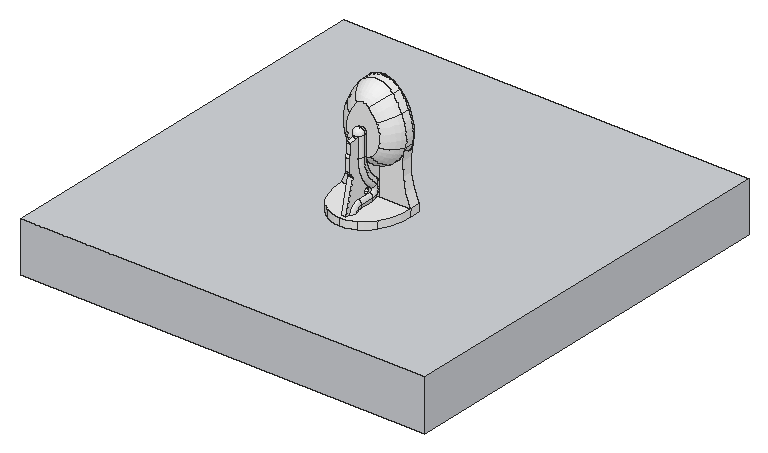
Revit family
Parameters (values of type "Vitreous_China-0-White")
  Width = 1' - 4 1/2"
  Waste Connection = yes
  Valve Pressure Drop = 0.00 psi
  URL = "http://www.us.kohler.com"
  Top of Toilet to Finished Floor = 1' - 3"
  Spud = Chrome-Kohler-CP-Polished
  Seat = "Order Separately"  # constant formula
  Sanitary Radius = 1 1/4"
  Sanitary Diameter = Sanitary Radius * 2  # 2 1/2"
  Sanitary Connector = "Sanitary Connection"  # constant formula
  Product Page URL = "http://www.us.kohler.com/onlinecatalog/detail.jsp?prod_num=4325"
  Product Documentation Link = "http://www.us.kohler.com/onlinecatalog/pdf/1100684_4.pdf"
  Model = "K-4325"  # constant formula
  Manufacturer = "Kohler"  # constant formula
  Length = 2' - 2 1/2"
  Height = 1' - 1 1/4"
  Flush Rate = 1.28 GPM
  Finish = Vitreous_China-Kohler-0-White
  Description = "Kingston™ 1.28 toilet bowl with top spud, less seat\r\n\r\n"  # constant formula
  Default Elevation = 0' - 0"
  Created By = "http://www.medialab3dstudio.com/"
  Cold Water Radius = 3/4"
  Cold Water Diameter = Cold Water Radius * 2  # 1 1/2"
  Cold Water Connector = "Cold Water Connector"  # constant formula
  CWFU = 0
  CW Connection = yes
  Assembly Code = "D2010110"
  Actual Valve Water Flow = 0 GPM
  ADA Compliant = yes
Types (7): name | Product Documentation Link | Finish
  (no name) | "http://www.us.kohler.com/onlinecatalog/pdf/1100684_4.pdf" | Vitreous_China-Kohler-0-White
  Vitreous_China-0-White | "http://www.us.kohler.com/onlinecatalog/pdf/1100684_4.pdf" | Vitreous_China-Kohler-0-White
  Vitreous_China-7-Black_Black | "http://www.us.kohler.com/onlinecatalog/pdf/1119268_4.pdf" | Vitreous_China-Kohler-7-Black_Black
  Vitreous_China-33-Mexican_Sand | "http://www.us.kohler.com/onlinecatalog/pdf/1119268_4.pdf" | Vitreous_China-Kohler-33-Mexican_Sand
  Vitreous_China-47-Almond | "http://www.us.kohler.com/onlinecatalog/pdf/1119268_4.pdf" | Vitreous_China-Kohler-47-Almond
  Vitreous_China-96-Biscuit | "http://www.us.kohler.com/onlinecatalog/pdf/1119268_4.pdf" | Vitreous_China-Kohler-96-Biscuit
  Vitreous_China-G9-Sandbar | "http://www.us.kohler.com/onlinecatalog/pdf/1119268_4.pdf" | Vitreous_China-Kohler-G9-Sandbar
Reference planes (in)
  plane 1 "Top": y = 0
  plane 2 "Back": z = 0
  plane 3 "Center (Left/Right)": x = 0
  plane 4 "Left": x = -8.25
  plane 5 "Right": x = 8.25
  plane 6 "Center (Top/Bottom)": y = -6.625
  plane 7 "Bottom of Toilet": y = -13.25
  plane 8 "Front": z = 26.5625
  plane 9 "Center (Front/Back)": z = 13.3125
  plane 10 "Toilet Offset": z = 0.0625
  plane 11: y = -6.28121
  plane 12: y = -6.14168
  plane 13: z = 23.3296
  plane 14: z = 20.39426
  plane 15: z = 14.67575
  plane 16: z = 11.23743
  plane 17: x = -2.30359
  plane 18: x = 2.30359
  plane 19: x = -4.20983
  plane 20: x = 4.20983
  plane 21: x = -4.81086
  plane 22: x = 4.81086
  plane 23: x = -2.31278
  plane 24: x = 2.31278
  plane 25: z = 14.24386
  plane 26: z = 1.6875
  plane 27: y = -2.30334
  plane 28: z = -0.79878
  plane 29: z = -1.39323
  plane 30: z = -1.92448
  plane 31: x = -0.5
  plane 32: x = 0.5
  plane 33: y = -7.48796
  plane 34: z = 17.22993
  plane 35: y = -12.3124
  plane 36: x = -6.27859
  plane 37: x = -3.62694
  plane 38: x = 3.62694
  plane 39: x = 6.27859
  plane 40: y = -9.66075
  plane 41: x = 6.72668
  plane 42: x = -6.72668
  plane 43: z = 9.08201
  plane 44: z = 8.5634
  plane 45: z = 9.86879
  plane 46: z = 10.33642
  plane 47: z = 13.98218
  plane 48: z = 16.39735
  plane 49: z = 16.49937
  plane 50: z = 17.22993
  plane 51: z = 11.78462
  plane 52: y = -5.87419
  plane 53: z = 4.40794
  plane 54: y = -12.1155
  plane 55: y = -10.10687
  plane 56: y = -10.2456
  plane 57: y = -10.42442
  plane 58: y = -10.89667
  plane 59: y = -10.51003
  plane 60: z = 1.1875
  plane 61: z = 2.6875
  plane 62: z = 5.36778
  plane 63: z = 12.65074
  plane 64: y = -7.48796
  plane 65: y = -3.88771
  plane 66: y = -5.12344
  plane 67: y = -8.5
  plane 68: y = -10
  plane 69: y = -10
  plane 70: z = 17.22993
  plane 71: y = -8.73796
  plane 72: y = -6.23796
  plane 73: x = -1.25
  plane 74: x = -0.32597
  plane 75: x = 0.32597
  plane 76: z = 26.46032
  plane 77: z = 23.23909
  plane 78: z = 17.5559
  plane 79: z = 16.49937
  plane 80: z = 16.39735
  plane 81: z = 26.222
  plane 82: x = -6.86529
  plane 83: x = -7.22069
  plane 84: x = -7.11861
  plane 85: x = -3.89721
  plane 86: x = 3.89721
  plane 87: x = 7.11861
  plane 88: x = 7.22069
  plane 89: x = 6.86529
  plane 90: y = -0.3554
  plane 91: x = -1
  plane 92: x = -0.5
  plane 93: x = 0.5
  plane 94: x = 1
  plane 95: z = 1.8125
  plane 96: z = 2.3125
  plane 97: z = 3.3125
  plane 98: z = 3.8125
  plane 99: z = 2.8125
  plane 100: z = 4.0625
  plane 101: z = 3.8125
  plane 102: z = 3.5625
  plane 103: z = 2.0625
  plane 104: z = 1.8125
  plane 105: z = 1.5625
  plane 106: y = 0.86128
  plane 107: y = 1.45573
  plane 108: y = 1.98698
  plane 109: x = -1.25
  plane 110: x = -1
  plane 111: x = -0.75
  plane 112: x = 0.75
  plane 113: x = 1
  plane 114: x = 1.25
  plane 115: y = 0.86128
  plane 116: y = 1.45573
  plane 117: y = 1.98698
  plane 118: y = 0.86128
  plane 119: y = 1.45573
  plane 120: y = 1.98698
  plane 121 "Bottom": y = -15
Forms (in)
  Extrusion 1, solid
    sketch origin (0, 0, 0) x (1, 0, 0) y (0, 1, 0)
      loop
        line (-48, 48) -> (-48, -48) -> (48, -48) -> (48, 48) -> (-48, 48)
    from 0 to -12
  Sweep 2, solid, material "Vitreous_China-Kohler-0-White" <- "Finish"
    path origin (0, 0, -0.29434) x (1, 0, 0) y (0, 0, 1)
      loop
        arc (4.81086, 14.9701) -> (4.98123, 17.87884) -> (4.20983, 20.6886) r 8.96533
        arc (4.20983, 20.6886) -> (3.36315, 22.22539) -> (2.30359, 23.62395) r 12.12865
        arc (2.30359, 23.62395) -> (0, 24.66657) -> (-2.30359, 23.62395) r 3.06609
        arc (-2.30359, 23.62395) -> (-3.36315, 22.22539) -> (-4.20983, 20.6886) r 12.12865
        arc (-4.20983, 20.6886) -> (-4.98123, 17.87884) -> (-4.81086, 14.9701) r 8.96533
        arc (-4.81086, 14.9701) -> (-3.91621, 12.99345) -> (-2.31278, 11.53178) r 5.37321
        arc (-2.31278, 11.53178) -> (0, 10.89681) -> (2.31278, 11.53178) r 4.5295
        arc (2.31278, 11.53178) -> (3.91621, 12.99345) -> (4.81086, 14.9701) r 5.37321
    profile origin (4.98123, 0, 17.5845) x (-0.994522, 0, -0.104528) y (0, -1, 0)
      loop
        line (-1.83672, 0) -> (-0.46172, 0)
        arc (-0.46172, 0) -> (-0.37333, 0.03661) -> (-0.33672, 0.125) r 0.125
        line (-0.33672, 0.125) -> (-0.33672, 0.5) -> (-0.46172, 0.5) -> (-0.46172, 0.1243) -> (-1.83685, 0.1243)
        arc (-1.83685, 0.1243) -> (-1.99817, 0.19112) -> (-2.06499, 0.35244) r 0.22814
        line (-2.06499, 0.35244) -> (-1.96389, 2.28462)
        arc (-1.96389, 2.28462) -> (-0.83518, 4.55024) -> (1.13314, 6.14168) r 5.95017
        line (1.13314, 6.14168) -> (1.13314, 6.28121)
        arc (1.13314, 6.28121) -> (-0.91686, 4.64808) -> (-2.08808, 2.30334) r 6.07517
        line (-2.08808, 2.30334) -> (-2.19027, 0.35355)
        arc (-2.19027, 0.35355) -> (-2.08672, 0.10355) -> (-1.83672, 0) r 0.35355
  Extrusion 3, solid, material "Vitreous_China-Kohler-0-White" <- "Finish"
    sketch origin (0, 0, 0) x (1, 0, 0) y (0, 0, 1)
      loop
        arc (-1.45225, 22.58179) -> (-2.41282, 21.3139) -> (-3.18039, 19.92068) r 10.99551
        arc (-3.18039, 19.92068) -> (-3.8543, 17.46605) -> (-3.70547, 14.92495) r 7.83219
        arc (-3.70547, 14.92495) -> (-2.99949, 13.36515) -> (-1.73419, 12.21172) r 4.24007
        arc (-1.73419, 12.21172) -> (0, 11.73561) -> (1.73419, 12.21172) r 3.39636
        arc (1.73419, 12.21172) -> (2.99949, 13.36515) -> (3.70547, 14.92495) r 4.24007
        arc (3.70547, 14.92495) -> (3.8543, 17.46605) -> (3.18039, 19.92068) r 7.83219
        arc (3.18039, 19.92068) -> (2.41282, 21.3139) -> (1.45225, 22.58179) r 10.99551
        arc (1.45225, 22.58179) -> (0, 23.23909) -> (-1.45225, 22.58179) r 1.93296
    from 6.14168 to 6.28121
  Extrusion 4, solid, material "Vitreous_China-Kohler-0-White" <- "Finish"
    sketch origin (0, 0, 0) x (1, 0, 0) y (0, 0, 1)
      loop
        arc (3.31555, 9.54884) -> (0, 8.63858) -> (-3.31555, 9.54884) r 6.49339
        arc (-3.31555, 9.54884) -> (-5.50504, 11.54476) -> (-6.72668, 14.24386) r 7.3371
        arc (-6.72668, 14.24386) -> (-6.40271, 7.83398) -> (-8.25, 1.6875) r 18.8332
        line (-8.25, 1.6875) -> (-8.25, 0.0625) -> (8.25, 0.0625) -> (8.25, 1.6875)
        arc (8.25, 1.6875) -> (6.40271, 7.83398) -> (6.72668, 14.24386) r 18.8332
        arc (6.72668, 14.24386) -> (5.50504, 11.54476) -> (3.31555, 9.54884) r 7.3371
    from 0 to 2.30334
  Extrusion 5, solid, material "Vitreous_China-Kohler-0-White" <- "Finish"
    sketch origin (0, 0, 0) x (1, 0, 0) y (0, 1, 0)
      loop
        arc (-8.25, -2.30334) -> (-7.7394, -6.10935) -> (-6.27859, -9.66075) r 14.99019
        arc (-6.27859, -9.66075) -> (-5.13063, -11.16444) -> (-3.62694, -12.3124) r 7.11394
        arc (-3.62694, -12.3124) -> (-1.87308, -13.01181) -> (0, -13.25) r 7.48388
        arc (0, -13.25) -> (1.87308, -13.01181) -> (3.62694, -12.3124) r 7.48388
        arc (3.62694, -12.3124) -> (5.13063, -11.16444) -> (6.27859, -9.66075) r 7.11394
        arc (6.27859, -9.66075) -> (7.7394, -6.10935) -> (8.25, -2.30334) r 14.99019
        line (8.25, -2.30334) -> (-8.25, -2.30334)
    from 0.0625 to 1.6875
  Extrusion 6, solid, material "Vitreous_China-Kohler-0-White" <- "Finish"
    sketch origin (0, 0, 0) x (0, 1, 0) y (0, 0, 1)
      loop
        line (-12.1155, 1.6875) -> (-2.30334, 1.6875) -> (-2.30334, 8.5634)
        arc (-2.30334, 8.5634) -> (-4.64024, 9.7443) -> (-6.28121, 11.78462) r 6.19947
        line (-6.28121, 11.78462) -> (-6.28121, 17.22993) -> (-10.42442, 16.49937)
        arc (-10.42442, 16.49937) -> (-10.48579, 16.46393) -> (-10.51003, 16.39735) r 0.10359
        line (-10.51003, 16.39735) -> (-10.51003, 13.98218)
        arc (-10.51003, 13.98218) -> (-10.7933, 13.69927) -> (-10.89667, 13.3125) r 0.77158
        line (-10.89667, 13.3125) -> (-10.89667, 10.33642)
        arc (-10.89667, 10.33642) -> (-10.7597, 10.00576) -> (-10.42904, 9.86879) r 0.46763
        line (-10.42904, 9.86879) -> (-10.2456, 9.86879)
        arc (-10.2456, 9.86879) -> (-10.1998, 9.47125) -> (-10.10687, 9.08201) r 3.3458
        line (-10.10687, 9.08201) -> (-12.1155, 1.6875)
      loop
        arc (-6.62419, 4.40794) -> (-6.40452, 3.87761) -> (-5.87419, 3.65794) r 0.75
        arc (-5.87419, 3.65794) -> (-5.34386, 3.87761) -> (-5.12419, 4.40794) r 0.75
        arc (-5.12419, 4.40794) -> (-5.34386, 4.93827) -> (-5.87419, 5.15794) r 0.75
        arc (-5.87419, 5.15794) -> (-6.40452, 4.93827) -> (-6.62419, 4.40794) r 0.75
    from -0.5 to 0.5
  Sweep 7, solid, material "Vitreous_China-Kohler-0-White" <- "Finish"
    path origin (0, 0, 0) x (0, 1, 0) y (0, 0, 1)
      loop
        line (-10, 0) -> (-10, 1.1875)
        arc (-10, 1.1875) -> (-9.56066, 2.24816) -> (-8.5, 2.6875) r 1.5
        line (-8.5, 2.6875) -> (-5.12344, 2.6875)
        arc (-5.12344, 2.6875) -> (-3.64773, 3.63213) -> (-3.88771, 5.36778) r 1.625
        arc (-3.88771, 5.36778) -> (-6.53875, 8.58862) -> (-7.48796, 12.65074) r 9.16651
        line (-7.48796, 12.65074) -> (-7.48796, 17.22993)
    profile origin (0, -10, 0.59375) x (0, -1, 0) y (1, 0, 0)
      loop
        arc (0, -1.25) -> (0.88388, -0.88388) -> (1.25, 0) r 1.25
        arc (1.25, 0) -> (0.88388, 0.88388) -> (0, 1.25) r 1.25
        arc (0, 1.25) -> (-0.88388, 0.88388) -> (-1.25, 0) r 1.25
        arc (-1.25, 0) -> (-0.88388, -0.88388) -> (0, -1.25) r 1.25
  Revolve 8, solid, material "Vitreous_China-Kohler-0-White" <- "Finish"
    sketch origin (0, 0, 17.22993) x (1, 0, 0) y (0, 1, 0)
      loop
        arc (0, -6.23796) -> (-0.88388, -6.60408) -> (-1.25, -7.48796) r 1.25
        arc (-1.25, -7.48796) -> (-0.88388, -8.37184) -> (0, -8.73796) r 1.25
        line (0, -8.73796) -> (0, -6.23796)
      axis (0, -6.23796) -> (0, -8.73796)
    angle from 0 to -180
  Extrusion 9, solid, material "Chrome-Kohler-CP-Polished" <- "Spud"
    sketch origin (0, 0.8125, 1.09294) x (1, 0, 0) y (0, 0, 1)
      loop
        arc (-0.75, 1.71956) -> (-0.53033, 1.18923) -> (0, 0.96956) r 0.75
        arc (0, 0.96956) -> (0.53033, 1.18923) -> (0.75, 1.71956) r 0.75
        arc (0.75, 1.71956) -> (0.53033, 2.24989) -> (0, 2.46956) r 0.75
        arc (0, 2.46956) -> (-0.53033, 2.24989) -> (-0.75, 1.71956) r 0.75
    from -1.17448 to -0.64323
  Extrusion 10, solid, material "Chrome-Kohler-CP-Polished" <- "Spud"
    sketch origin (0, 0.6882, 1.09294) x (1, 0, 0) y (0, 0, 1)
      loop
        line (0.5, 2.71956) -> (-0.5, 2.71956) -> (-1, 2.21956) -> (-1, 1.21956) -> (-0.5, 0.71956) -> (0.5, 0.71956) -> (1, 1.21956) -> (1, 2.21956) -> (0.5, 2.71956)
    from -0.76753 to -0.17308
  Extrusion 11, solid, material "Chrome-Kohler-CP-Polished" <- "Spud"
    sketch origin (0, 0.5625, 1.09294) x (1, 0, 0) y (0, 0, 1)
      loop
        arc (-1.25, 1.71956) -> (-0.88388, 0.83568) -> (0, 0.46956) r 1.25
        arc (0, 0.46956) -> (0.88388, 0.83568) -> (1.25, 1.71956) r 1.25
        arc (1.25, 1.71956) -> (0.88388, 2.60344) -> (0, 2.96956) r 1.25
        arc (0, 2.96956) -> (-0.88388, 2.60344) -> (-1.25, 1.71956) r 1.25
    from -0.29878 to 0.5625
Cuts and joins
  joined: Sweep 2, Extrusion 3
Lines and regions (in)
  Masking region 1, detail levels coarse
    outline origin (0, 0, 0) x (1, 0, 0) y (0, 0, 1)
      loop
        line (8.25, 26.5625) -> (-8.25, 26.5625) -> (-8.25, 0.0625) -> (8.25, 0.0625) -> (8.25, 26.5625)
  Masking region 2, detail levels medium+fine
    outline origin (0, -6.625, 0) x (1, 0, 0) y (0, 0, 1)
      loop
        arc (5.99398, 21.21503) -> (5.01021, 23.00066) -> (3.77908, 24.62567) r 14.09254
        arc (3.77908, 24.62567) -> (0, 26.33612) -> (-3.77908, 24.62567) r 5.02999
        arc (-3.77908, 24.62567) -> (-5.01021, 23.00066) -> (-5.99398, 21.21503) r 14.09254
        arc (-5.99398, 21.21503) -> (-6.93437, 17.78978) -> (-6.72668, 14.24386) r 10.92922
        arc (-6.72668, 14.24386) -> (-6.40271, 7.83398) -> (-8.25, 1.6875) r 18.8332
        line (-8.25, 1.6875) -> (-8.25, 0.0625) -> (8.25, 0.0625) -> (8.25, 1.6875)
        arc (8.25, 1.6875) -> (6.40271, 7.83398) -> (6.72668, 14.24386) r 18.8332
        arc (6.72668, 14.24386) -> (6.93437, 17.78978) -> (5.99398, 21.21503) r 10.92922
  Masking region 3, detail levels fine
    outline origin (0, 0, 0) x (1, 0, 0) y (0, 0, 1)
      loop
        arc (4.51572, 20.53498) -> (3.64554, 22.11444) -> (2.55657, 23.55182) r 12.46536
        arc (2.55657, 23.55182) -> (0, 24.70895) -> (-2.55657, 23.55182) r 3.40281
        arc (-2.55657, 23.55182) -> (-3.64554, 22.11444) -> (-4.51572, 20.53498) r 12.46536
        arc (-4.51572, 20.53498) -> (-5.3161, 17.61969) -> (-5.13934, 14.60171) r 9.30205
        arc (-5.13934, 14.60171) -> (-4.18862, 12.50119) -> (-2.48471, 10.94792) r 5.70992
        arc (-2.48471, 10.94792) -> (0, 10.26575) -> (2.48471, 10.94792) r 4.86621
        arc (2.48471, 10.94792) -> (4.18862, 12.50119) -> (5.13934, 14.60171) r 5.70992
        arc (5.13934, 14.60171) -> (5.3161, 17.61969) -> (4.51572, 20.53498) r 9.30205
  Masking region 4, detail levels fine
    outline origin (0, 0, 0) x (1, 0, 0) y (0, 0, 1)
      loop
        arc (1.45225, 22.58179) -> (0, 23.23909) -> (-1.45225, 22.58179) r 1.93296
        arc (-1.45225, 22.58179) -> (-2.41282, 21.3139) -> (-3.18039, 19.92068) r 10.99551
        arc (-3.18039, 19.92068) -> (-3.8543, 17.46605) -> (-3.70547, 14.92495) r 7.83219
        arc (-3.70547, 14.92495) -> (-2.99949, 13.36515) -> (-1.73419, 12.21172) r 4.24007
        arc (-1.73419, 12.21172) -> (0, 11.73561) -> (1.73419, 12.21172) r 3.39636
        arc (1.73419, 12.21172) -> (2.99949, 13.36515) -> (3.70547, 14.92495) r 4.24007
        arc (3.70547, 14.92495) -> (3.8543, 17.46605) -> (3.18039, 19.92068) r 7.83219
        arc (3.18039, 19.92068) -> (2.41282, 21.3139) -> (1.45225, 22.58179) r 10.99551
  Masking region 5, detail levels coarse
    outline origin (0, 0, 0) x (1, 0, 0) y (0, 1, 0)
      loop
        line (-8.25, 0) -> (-8.25, -13.25) -> (8.25, -13.25) -> (8.25, 0) -> (-8.25, 0)
  Masking region 6, detail levels medium+fine
    outline origin (0, 0, 13.3125) x (-1, 0, 0) y (0, -1, 0)
      loop
        arc (6.27859, 9.66075) -> (5.13063, 11.16444) -> (3.62694, 12.3124) r 7.11394
        arc (3.62694, 12.3124) -> (1.87308, 13.01181) -> (0, 13.25) r 7.48388
        arc (0, 13.25) -> (-1.87308, 13.01181) -> (-3.62694, 12.3124) r 7.48388
        arc (-3.62694, 12.3124) -> (-5.13063, 11.16444) -> (-6.27859, 9.66075) r 7.11394
        arc (-6.27859, 9.66075) -> (-7.7394, 6.10935) -> (-8.25, 2.30334) r 14.99019
        line (-8.25, 2.30334) -> (-8.25, 0) -> (-1.25, 0) -> (-1.25, -0.86128) -> (-1, -0.86128) -> (-1, -1.45573) -> (-0.75, -1.45573) -> (-0.75, -1.98698) -> (0.75, -1.98698) -> (0.75, -1.45573) -> (1, -1.45573) -> (1, -0.86128) -> (1.25, -0.86128) -> (1.25, 0) -> (8.25, 0) -> (8.25, 2.30334)
        arc (8.25, 2.30334) -> (7.7394, 6.10935) -> (6.27859, 9.66075) r 14.99019
  Masking region 7, detail levels fine
    outline origin (0, 0, 26.5625) x (-1, 0, 0) y (0, -1, 0)
      loop
        line (7.22069, 0.3554) -> (7.11861, 2.30334)
        arc (7.11861, 2.30334) -> (5.94543, 4.6466) -> (3.89721, 6.28121) r 6.09873
        line (3.89721, 6.28121) -> (-3.89721, 6.28121)
        arc (-3.89721, 6.28121) -> (-5.94543, 4.6466) -> (-7.11861, 2.30334) r 6.09873
        line (-7.11861, 2.30334) -> (-7.22069, 0.3554)
        arc (-7.22069, 0.3554) -> (-7.1166, 0.10409) -> (-6.86529, 0) r 0.3554
        line (-6.86529, 0) -> (6.86529, 0)
        arc (6.86529, 0) -> (7.1166, 0.10409) -> (7.22069, 0.3554) r 0.3554
  Masking region 8, detail levels fine
    outline origin (0, 0, 26.5625) x (-1, 0, 0) y (0, -1, 0)
      loop
        arc (0, 8.73796) -> (-0.88388, 8.37184) -> (-1.25, 7.48796) r 1.25
        arc (-1.25, 7.48796) -> (-0.99246, 6.72802) -> (-0.32597, 6.28121) r 1.25
        line (-0.32597, 6.28121) -> (0.32597, 6.28121)
        arc (0.32597, 6.28121) -> (0.99246, 6.72802) -> (1.25, 7.48796) r 1.25
        arc (1.25, 7.48796) -> (0.88388, 8.37184) -> (0, 8.73796) r 1.25
  Masking region 9, detail levels medium+fine
    outline origin (0, 0, 0) x (0, 1, 0) y (0, 0, 1)
      loop
        arc (-10.2456, 9.86879) -> (-10.1998, 9.47125) -> (-10.10687, 9.08201) r 3.3458
        line (-10.10687, 9.08201) -> (-12.1155, 1.6875) -> (-13.25, 1.6875) -> (-13.25, 0.0625) -> (0, 0.0625) -> (0, 1.5625) -> (0.86128, 1.5625) -> (0.86128, 1.8125) -> (1.45573, 1.8125) -> (1.45573, 2.0625) -> (1.98698, 2.0625) -> (1.98698, 3.5625) -> (1.45573, 3.5625) -> (1.45573, 3.8125) -> (0.86128, 3.8125) -> (0.86128, 4.0625) -> (0, 4.0625) -> (0, 26.222)
        arc (0, 26.222) -> (-0.10437, 26.46743) -> (-0.35355, 26.5625) r 0.34074
        line (-0.35355, 26.5625) -> (-2.30334, 26.46032)
        arc (-2.30334, 26.46032) -> (-4.64733, 25.28816) -> (-6.28121, 23.23909) r 6.0869
        line (-6.28121, 23.23909) -> (-6.28121, 17.5559)
        arc (-6.28121, 17.5559) -> (-7.65238, 18.46907) -> (-8.73796, 17.22993) r 1.25
        line (-8.73796, 17.22993) -> (-8.73796, 16.79674) -> (-10.42442, 16.49937)
        arc (-10.42442, 16.49937) -> (-10.48579, 16.46393) -> (-10.51003, 16.39735) r 0.10359
        line (-10.51003, 16.39735) -> (-10.51003, 13.98218)
        arc (-10.51003, 13.98218) -> (-10.7933, 13.69927) -> (-10.89667, 13.3125) r 0.77158
        line (-10.89667, 13.3125) -> (-10.89667, 10.33642)
        arc (-10.89667, 10.33642) -> (-10.7597, 10.00576) -> (-10.42904, 9.86879) r 0.46763
        line (-10.42904, 9.86879) -> (-10.2456, 9.86879)
  Masking region 10, detail levels coarse
    outline origin (0, 0, 0) x (0, 1, 0) y (0, 0, 1)
      loop
        line (-13.25, 26.5625) -> (-13.25, 0.0625) -> (0, 0.0625) -> (0, 26.5625) -> (-13.25, 26.5625)
  Masking region 11, detail levels fine
    outline origin (0, 0, 0) x (1, 0, 0) y (0, 1, 0)
      loop
        arc (-1.25, -10) -> (-0.88388, -10.88388) -> (0, -11.25) r 1.25
        arc (0, -11.25) -> (0.88388, -10.88388) -> (1.25, -10) r 1.25
        arc (1.25, -10) -> (0.88388, -9.11612) -> (0, -8.75) r 1.25
        arc (0, -8.75) -> (-0.88388, -9.11612) -> (-1.25, -10) r 1.25
  Masking region 12, detail levels fine
    outline origin (0, 0, 0) x (1, 0, 0) y (0, 0, 1)
      loop
        arc (0.75, 2.8125) -> (0.53033, 3.34283) -> (0, 3.5625) r 0.75
        arc (0, 3.5625) -> (-0.53033, 3.34283) -> (-0.75, 2.8125) r 0.75
        arc (-0.75, 2.8125) -> (-0.53033, 2.28217) -> (0, 2.0625) r 0.75
        arc (0, 2.0625) -> (0.53033, 2.28217) -> (0.75, 2.8125) r 0.75
      loop
        line (1, 2.3125) -> (1, 3.3125) -> (0.5, 3.8125) -> (-0.5, 3.8125) -> (-1, 3.3125) -> (-1, 2.3125) -> (-0.5, 1.8125) -> (0.5, 1.8125) -> (1, 2.3125)
      loop
        arc (1.25, 2.8125) -> (0.88388, 3.69638) -> (0, 4.0625) r 1.25
        arc (0, 4.0625) -> (-0.88388, 3.69638) -> (-1.25, 2.8125) r 1.25
        arc (-1.25, 2.8125) -> (-0.88388, 1.92862) -> (0, 1.5625) r 1.25
        arc (0, 1.5625) -> (0.88388, 1.92862) -> (1.25, 2.8125) r 1.25
  symbolic lines, style "Masking Lines", detail levels fine
    curve 1: line (-0.5, -8.63361, 26.5625) -> (-0.5, -12.1155, 26.5625)
    curve 2: line (-0.5, -12.1155, 26.5625) -> (0.5, -12.1155, 26.5625)
    curve 3: line (0.5, -12.1155, 26.5625) -> (0.5, -8.63361, 26.5625)
    curve 4: line (0.5, -10.51003, 26.5625) -> (-0.5, -10.51003, 26.5625)
    curve 5: line (0.5, -10.89667, 26.5625) -> (-0.5, -10.89667, 26.5625)
    curve 6: line (-0.5, -6.28121, 26.5625) -> (-0.5, -6.35356, 26.5625)
    curve 7: line (0.5, -6.28121, 26.5625) -> (0.5, -6.35363, 26.5625)
    curve 8: arc (-0.5, -11.14564, 26.5625) -> (-1.04583, -10.68465, 26.5625) -> (-1.25, -10, 26.5625) r 1.25
    curve 9: arc (1.25, -10, 26.5625) -> (1.04583, -10.68465, 26.5625) -> (0.5, -11.14564, 26.5625) r 1.25
    curve 10: line (-1.25, -6.28121, 26.5625) -> (-1.25, -10, 26.5625)
    curve 11: line (1.25, -6.28121, 26.5625) -> (1.25, -10, 26.5625)
    curve 12: line (0, -12.1155, 1.6875) -> (0, -2.30334, 1.6875)
    curve 13: arc (0, -11.19895, 1.6875) -> (0, -10.30593, 3.26807) -> (0, -8.61646, 3.93243) r 2.71475
    curve 14: line (0, -8.61646, 3.93243) -> (0, -5.11646, 3.93243)
    curve 15: arc (0, -5.11646, 3.93243) -> (0, -4.80004, 4.10837) -> (0, -4.78253, 4.46999) r 0.3725
    curve 16: line (0, -8.73796, 16.79674) -> (0, -8.73796, 12.47176)
    curve 17: arc (0, -8.73796, 12.47176) -> (0, -7.69511, 8.00875) -> (0, -4.78253, 4.46999) r 10.07145
    curve 18: line (0, -6.28121, 17.5559) -> (0, -6.28121, 11.73561)
    curve 19: arc (0, -6.28121, 11.73561) -> (0, -4.64808, 9.68561) -> (0, -2.30334, 8.51439) r 6.07515
    curve 20: line (0, -2.30334, 26.46032) -> (0, -2.30334, 0.0625)
    curve 21: arc (0, -6.14168, 11.46769) -> (0, -5.11484, 8.56795) -> (0, -3.04163, 6.29535) r 7.75699
    curve 22: arc (0, -3.04163, 6.29535) -> (0, -2.57747, 5.65161) -> (0, -2.30334, 4.90682) r 2.92652
    curve 23: arc (0, -3.94497, 1.6875) -> (0, -2.88776, 2.5097) -> (0, -2.30334, 3.71475) r 2.94843
    curve 24: arc (0, -5.87419, 5.15794) -> (0, -6.40452, 4.93827) -> (0, -6.62419, 4.40794) r 0.75
    curve 25: arc (0, -6.62419, 4.40794) -> (0, -6.58041, 4.15544) -> (0, -6.45418, 3.93243) r 0.75
    curve 26: arc (0, -5.29421, 3.93243) -> (0, -5.16797, 4.15544) -> (0, -5.12419, 4.40794) r 0.75
    curve 27: arc (0, -5.12419, 4.40794) -> (0, -5.34386, 4.93827) -> (0, -5.87419, 5.15794) r 0.75
    curve 28: line (0, 0.86128, 3.8125) -> (0, 0.86128, 1.8125)
    curve 29: line (0, 1.45573, 3.5625) -> (0, 1.45573, 2.0625)
    curve 30: line (0, 1.45573, 3.3125) -> (0, 0.86128, 3.3125)
    curve 31: line (0, 1.45573, 2.3125) -> (0, 0.86128, 2.3125)
    curve 32: line (0, 0, 4.0625) -> (0, 0, 1.5625)
    curve 33: line (-0.75, 1.45573, 0) -> (0.75, 1.45573, 0)
    curve 34: line (-1, 0.86128, 0) -> (1, 0.86128, 0)
    curve 35: line (-0.5, 1.45573, 0) -> (-0.5, 0.86128, 0)
    curve 36: line (0.5, 1.45573, 0) -> (0.5, 0.86128, 0)
    curve 37: line (-1.25, 0, 0) -> (1.25, 0, 0)
Dimensions and locks (in)
  equal spacing: plane 7 "Bottom of Toilet", plane 6 "Center (Top/Bottom)", plane 1 "Top"
  equal spacing: plane 4 "Left", plane 3 "Center (Left/Right)", plane 5 "Right"
  "Width": plane 4 "Left" to plane 5 "Right"
  "Height": plane 7 "Bottom of Toilet" to plane 1 "Top"
  locked: plane 2 "Back" to plane 10 "Toilet Offset" at 0.0625
  equal spacing: plane 10 "Toilet Offset", plane 9 "Center (Front/Back)", plane 8 "Front"
  "Length": plane 10 "Toilet Offset" to plane 8 "Front"
  plane 4 "Left" to plane 21 to plane 19 to plane 17 = 0' - 3.43914" locked, 0' - 0.60104" locked, 0' - 1 29/32" locked
  plane 18 to plane 20 to plane 22 = 0' - 1 29/32" locked, 0' - 0.60104" locked
  plane 15 to plane 16 to plane 10 "Toilet Offset" = 0' - 3.43832" locked, 0' - 11.17493" locked
  plane 8 "Front" to plane 13 to plane 14 = 0' - 3.2329" locked, 0' - 2.93535" locked
  locked: plane 5 "Right" to plane 24 at 5.93722
  locked: plane 23 to plane 4 "Left" at 5.93722
  plane 10 "Toilet Offset" to plane 25 = 1' - 2.18136"
  locked: plane 10 "Toilet Offset" to plane 26 at 1.625
  locked: plane 1 "Top" to plane 27 at 2.30334
  plane 2 "Back" to plane 28 to plane 29 to plane 30 = 0' - 0.79878" locked, 0' - 0.59445" locked, 0' - 0 17/32" locked
  plane 7 "Bottom of Toilet" to plane 35 to plane 40 = 0' - 0.9376" locked, 0' - 2.65165" locked
  plane 4 "Left" to plane 36 to plane 37 = 0' - 1.97141" locked, 0' - 2.65165" locked
  plane 38 to plane 39 to plane 5 "Right" = 0' - 2.65165" locked, 0' - 1.97141" locked
  locked: plane 41 to plane 5 "Right" at 1.52332
  locked: plane 4 "Left" to plane 42 at 1.52332
  locked: plane 52 to plane 27 at 3.57086
  locked: plane 10 "Toilet Offset" to plane 53 at 4.34544
  plane 10 "Toilet Offset" to plane 44 to plane 43 to plane 45 to plane 46 to plane 51 to plane 47 to plane 48 to plane 49 to plane 50 = 0' - 8.5009" locked, 0' - 0.51862" locked, 0' - 0.78678" locked, 0' - 0.46763" locked, 0' - 1.44819" locked, 0' - 2.19756" locked, 0' - 2.41517" locked, 0' - 0.10202" locked, 0' - 0.73056" locked
  plane 7 "Bottom of Toilet" to plane 54 to plane 58 to plane 59 to plane 57 to plane 56 to plane 55 = 0' - 1.1345" locked, 0' - 1.21883" locked, 0' - 0.38664" locked, 0' - 0.08561" locked, 0' - 0.17883" locked, 0' - 0.13873" locked
  plane 63 to plane 34 to plane 8 "Front" = 0' - 4.57918" locked, 0' - 9.33257" locked
  plane 10 "Toilet Offset" to plane 60 to plane 61 to plane 62 = 0' - 1 1/8" locked, 0' - 1 1/2" locked, 0' - 2.68028" locked
  plane 7 "Bottom of Toilet" to plane 68 to plane 67 to plane 64 = 0' - 3 1/4" locked, 0' - 1 1/2" locked, 0' - 1.01204" locked
  plane 66 to plane 65 to plane 1 "Top" = 0' - 1.23572" locked, 0' - 3.88771" locked
  locked: plane 7 "Bottom of Toilet" to plane 69 at 3.25
  locked: plane 70 to plane 8 "Front" at 9.33257
  locked: plane 73 to plane 3 "Center (Left/Right)" at 1.25
  locked: plane 7 "Bottom of Toilet" to plane 71 at 4.51204
  plane 33 to plane 72 to plane 1 "Top" = 0' - 1 1/4" locked, 0' - 6.23796" locked
  locked: plane 4 "Left" to plane 74 at 7.92403
  locked: plane 75 to plane 5 "Right" at 7.92403
  plane 80 to plane 79 to plane 78 to plane 77 to plane 81 to plane 76 to plane 8 "Front" = 0' - 0.10202" locked, 0' - 1.05653" locked, 0' - 5.6832" locked, 0' - 2.98291" locked, 0' - 0.23831" locked, 0' - 0.10218" locked
  plane 4 "Left" to plane 83 to plane 84 to plane 82 to plane 85 = 0' - 1.02931" locked, 0' - 0.10209" locked, 0' - 0.25331" locked, 0' - 2.96809" locked
  plane 86 to plane 89 to plane 87 to plane 88 to plane 5 "Right" = 0' - 2.96809" locked, 0' - 0.25331" locked, 0' - 0.10209" locked, 0' - 1.02931" locked
  locked: plane 90 to plane 1 "Top" at 0.3554
  locked: plane 10 "Toilet Offset" to plane 99 at 2.75
  plane 10 "Toilet Offset" to Extrusion 5 to plane 96 = 0' - 1 5/8" locked, 0' - 0 5/8" locked
  plane 97 to plane 98 to plane 8 "Front" = 0' - 0 1/2" locked, 1' - 10 3/4" locked
  plane 5 "Right" to plane 94 to plane 93 = 0' - 7 1/4" locked, 0' - 0 1/2" locked
  plane 92 to plane 91 to plane 4 "Left" = 0' - 0 1/2" locked, 0' - 7 1/4" locked
  plane 8 "Front" to plane 100 to plane 101 to plane 102 = 1' - 10 1/2" locked, 0' - 0 1/4" locked, 0' - 0 1/4" locked
  plane 103 to plane 104 to plane 105 to plane 10 "Toilet Offset" = 0' - 0 1/4" locked, 0' - 0 1/4" locked, 0' - 1 1/2" locked
  plane 1 "Top" to plane 106 to plane 107 to plane 108 = 0' - 0.86128" locked, 0' - 0.59445" locked, 0' - 0 17/32" locked
  plane 1 "Top" to plane 115 to plane 116 to plane 117 = 0' - 0.86128" locked, 0' - 0.59445" locked, 0' - 0 17/32" locked
  plane 112 to plane 113 to plane 114 to plane 5 "Right" = 0' - 0 1/4" locked, 0' - 0 1/4" locked, 0' - 7" locked
  plane 4 "Left" to plane 109 to plane 110 to plane 111 = 0' - 7" locked, 0' - 0 1/4" locked, 0' - 0 1/4" locked
  plane 1 "Top" to plane 118 to plane 119 to plane 120 = 0' - 0.86128" locked, 0' - 0.59445" locked, 0' - 0 17/32" locked
  "Top of Toilet to Finished Floor": plane 121 "Bottom" to plane 1 "Top"
  aligned and locked: plane 2 "Back" to Extrusion 1
  aligned and locked: level to Extrusion 1
  aligned and locked: Extrusion 3 sketch curve to Sweep 2  (x8)
  aligned and locked: Extrusion 3 to plane 11
  aligned and locked: plane 12 to Extrusion 3
  aligned and locked: plane 21 to Sweep 2 sketch curve  (x2)
  aligned and locked: plane 19 to Sweep 2 sketch curve  (x2)
  aligned and locked: plane 17 to Sweep 2 sketch curve  (x2)
  aligned and locked: plane 23 to Sweep 2 sketch curve
  aligned and locked: plane 24 to Sweep 2 sketch curve
  aligned and locked: plane 16 to Sweep 2 sketch curve  (x2)
  aligned and locked: plane 15 to Sweep 2 sketch curve  (x2)
  aligned and locked: plane 14 to Sweep 2 sketch curve  (x2)
  aligned and locked: plane 13 to Sweep 2 sketch curve  (x2)
  aligned and locked: plane 22 to Sweep 2 sketch curve
  aligned and locked: plane 20 to Sweep 2 sketch curve
  aligned and locked: plane 18 to Sweep 2 sketch curve
  aligned and locked: Extrusion 4 sketch curve to Sweep 2  (x3)
  aligned and locked: Extrusion 5 to plane 26
  aligned and locked: plane 10 "Toilet Offset" to Extrusion 5
  aligned and locked: Extrusion 4 to plane 1 "Top"
  aligned and locked: plane 27 to Extrusion 4
  aligned and locked: plane 11 to Sweep 2 sketch curve
  aligned and locked: plane 12 to Sweep 2 sketch curve
  aligned and locked: plane 27 to Sweep 2 sketch curve
  aligned and locked: Sweep 2 sketch curve to plane 1 "Top"
  aligned and locked: plane 10 "Toilet Offset" to Extrusion 4
  aligned and locked: Extrusion 6 to plane 31
  aligned and locked: plane 32 to Extrusion 6
  aligned and locked: plane 36 to Extrusion 5 sketch curve
  aligned and locked: plane 39 to Extrusion 5 sketch curve
  aligned and locked: plane 4 "Left" to Extrusion 5 sketch curve
  aligned and locked: plane 5 "Right" to Extrusion 5 sketch curve
  aligned and locked: plane 27 to Extrusion 5 sketch curve  (x2)
  aligned and locked: plane 40 to Extrusion 5 sketch curve  (x2)
  aligned and locked: plane 3 "Center (Left/Right)" to Extrusion 5 sketch curve
  aligned and locked: plane 7 "Bottom of Toilet" to Extrusion 5 sketch curve
  aligned and locked: plane 35 to Extrusion 5 sketch curve  (x2)
  aligned and locked: plane 38 to Extrusion 5 sketch curve
  aligned and locked: plane 37 to Extrusion 5 sketch curve
  aligned and locked: plane 41 to Extrusion 4 sketch curve
  aligned and locked: Extrusion 4 sketch curve to plane 5 "Right"
  aligned and locked: plane 42 to Extrusion 4 sketch curve
  aligned and locked: Extrusion 4 sketch curve to plane 4 "Left"
  aligned and locked: plane 25 to Extrusion 4 sketch curve  (x2)
  aligned and locked: plane 26 to Extrusion 4 sketch curve  (x2)
  aligned and locked: plane 10 "Toilet Offset" to Extrusion 4 sketch curve
  aligned and locked: plane 52 to Extrusion 6 sketch curve  (x2)
  aligned and locked: plane 53 to Extrusion 6 sketch curve  (x2)
  aligned and locked: plane 50 to Extrusion 6 sketch curve
  aligned and locked: plane 49 to Extrusion 6 sketch curve
  aligned and locked: plane 48 to Extrusion 6 sketch curve
  aligned and locked: plane 47 to Extrusion 6 sketch curve
  aligned and locked: plane 9 "Center (Front/Back)" to Extrusion 6 sketch curve
  aligned and locked: plane 51 to Extrusion 6 sketch curve
  aligned and locked: plane 46 to Extrusion 6 sketch curve
  aligned and locked: plane 45 to Extrusion 6 sketch curve  (x2)
  aligned and locked: plane 43 to Extrusion 6 sketch curve
  aligned and locked: plane 44 to Extrusion 6 sketch curve
  aligned and locked: plane 26 to Extrusion 6 sketch curve  (x2)
  aligned and locked: plane 54 to Extrusion 6 sketch curve
  aligned and locked: Extrusion 6 sketch curve to plane 58
  aligned and locked: plane 58 to Extrusion 6 sketch curve
  aligned and locked: plane 59 to Extrusion 6 sketch curve  (x2)
  aligned and locked: plane 57 to Extrusion 6 sketch curve
  aligned and locked: plane 56 to Extrusion 6 sketch curve
  aligned and locked: plane 55 to Extrusion 6 sketch curve
  aligned and locked: plane 11 to Extrusion 6 sketch curve  (x2)
  aligned and locked: plane 27 to Extrusion 6 sketch curve  (x2)
  aligned and locked: plane 34 to Sweep 7 sketch curve
  aligned and locked: plane 63 to Sweep 7 sketch curve
  aligned and locked: plane 62 to Sweep 7 sketch curve
  aligned and locked: plane 61 to Sweep 7 sketch curve  (x2)
  aligned and locked: plane 60 to Sweep 7 sketch curve
  aligned and locked: plane 68 to Sweep 7 sketch curve  (x2)
  aligned and locked: plane 67 to Sweep 7 sketch curve
  aligned and locked: plane 64 to Sweep 7 sketch curve  (x2)
  aligned and locked: plane 66 to Sweep 7 sketch curve
  aligned and locked: plane 65 to Sweep 7 sketch curve
  aligned and locked: plane 3 "Center (Left/Right)" to Sweep 7 sketch curve  (x2)
  aligned and locked: plane 69 to Sweep 7 sketch curve  (x2)
  aligned and locked: plane 70 to Revolve 8
  aligned and locked: plane 73 to Revolve 8 sketch curve
  aligned and locked: plane 3 "Center (Left/Right)" to Revolve 8 sketch curve  (x2)
  aligned and locked: plane 71 to Revolve 8 sketch curve
  aligned and locked: plane 33 to Revolve 8 sketch curve
  aligned and locked: plane 72 to Revolve 8 sketch curve
  aligned and locked: plane 2 "Back" to Sweep 7 sketch curve
  aligned and locked: plane 8 "Front" to Masking region 1 sketch curve
  aligned and locked: Masking region 1 sketch curve to plane 5 "Right"
  aligned and locked: plane 4 "Left" to Masking region 1 sketch curve
  aligned and locked: Masking region 1 sketch curve to plane 10 "Toilet Offset"
  aligned and locked: Masking region 2 sketch curve to cut or joined group of Sweep 2, Extrusion 3  (x5)
  aligned and locked: Masking region 2 sketch curve to Extrusion 4  (x3)
  aligned and locked: Masking region 3 sketch curve to cut or joined group of Sweep 2, Extrusion 3  (x8)
  aligned and locked: Masking region 4 sketch curve to cut or joined group of Sweep 2, Extrusion 3  (x8)
  aligned and locked: plane 4 "Left" to Masking region 5 sketch curve
  aligned and locked: Masking region 5 sketch curve to plane 7 "Bottom of Toilet"
  aligned and locked: Masking region 5 sketch curve to plane 5 "Right"
  aligned and locked: plane 1 "Top" to Masking region 5 sketch curve
  aligned and locked: Masking region 6 sketch curve to Extrusion 5  (x6)
  aligned and locked: Masking region 6 sketch curve to Extrusion 4  (x2)
  aligned and locked: Masking region 8 sketch curve to Revolve 8  (x4)
  aligned and locked: plane 11 to curve 10
  aligned and locked: plane 74 to Masking region 8 sketch curve
  aligned and locked: plane 75 to Masking region 8 sketch curve
  aligned and locked: Masking region 9 sketch curve to Extrusion 6  (x6)
  aligned and locked: Extrusion 6 to Masking region 9 sketch curve
  aligned and locked: Masking region 9 sketch curve to Extrusion 5  (x3)
  aligned and locked: Masking region 10 sketch curve to plane 7 "Bottom of Toilet"
  aligned and locked: plane 8 "Front" to Masking region 10 sketch curve
  aligned and locked: Masking region 10 sketch curve to plane 10 "Toilet Offset"
  aligned and locked: plane 1 "Top" to Masking region 10 sketch curve
  aligned and locked: plane 70 to Masking region 9 sketch curve
  aligned and locked: Masking region 9 sketch curve to plane 11
  aligned and locked: plane 8 "Front" to Masking region 9 sketch curve
  aligned and locked: plane 76 to Masking region 9 sketch curve
  aligned and locked: plane 81 to Masking region 9 sketch curve
  aligned and locked: plane 77 to Masking region 9 sketch curve
  aligned and locked: plane 78 to Masking region 9 sketch curve
  aligned and locked: plane 79 to Masking region 9 sketch curve
  aligned and locked: plane 80 to Masking region 9 sketch curve
  aligned and locked: plane 84 to Masking region 7 sketch curve
  aligned and locked: plane 82 to Masking region 7 sketch curve
  aligned and locked: plane 85 to Masking region 7 sketch curve
  aligned and locked: plane 86 to Masking region 7 sketch curve
  aligned and locked: plane 89 to Masking region 7 sketch curve
  aligned and locked: plane 88 to Masking region 7 sketch curve
  aligned and locked: plane 1 "Top" to Masking region 7 sketch curve  (x2)
  aligned and locked: plane 90 to Masking region 7 sketch curve  (x2)
  aligned and locked: plane 27 to Masking region 7 sketch curve  (x2)
  aligned and locked: plane 11 to Masking region 7 sketch curve  (x2)
  aligned and locked: plane 83 to Masking region 7 sketch curve
  aligned and locked: plane 87 to Masking region 7 sketch curve
  aligned and locked: curve 1 to plane 31
  aligned and locked: plane 32 to curve 3
  aligned and locked: Masking region 11 sketch curve to Sweep 7  (x4)
  aligned and locked: Extrusion 10 sketch curve to plane 98
  aligned and locked: plane 97 to Extrusion 10 sketch curve  (x2)
  aligned and locked: plane 96 to Extrusion 10 sketch curve  (x2)
  aligned and locked: Extrusion 10 sketch curve to plane 95
  aligned and locked: plane 91 to Extrusion 10 sketch curve
  aligned and locked: plane 92 to Extrusion 10 sketch curve  (x2)
  aligned and locked: plane 93 to Extrusion 10 sketch curve  (x2)
  aligned and locked: plane 94 to Extrusion 10 sketch curve
  aligned and locked: plane 3 "Center (Left/Right)" to Extrusion 9 sketch curve  (x2)
  aligned and locked: plane 99 to Extrusion 9 sketch curve  (x2)
  aligned and locked: plane 3 "Center (Left/Right)" to Extrusion 11 sketch curve  (x2)
  aligned and locked: plane 99 to Extrusion 11 sketch curve  (x2)
  aligned and locked: Masking region 12 sketch curve to Extrusion 9  (x4)
  aligned and locked: Masking region 12 sketch curve to Extrusion 10  (x8)
  aligned and locked: Masking region 12 sketch curve to Extrusion 11  (x4)
  aligned and locked: Masking region 9 sketch curve to plane 1 "Top"  (x2)
  aligned and locked: plane 106 to Masking region 9 sketch curve  (x2)
  aligned and locked: plane 107 to Masking region 9 sketch curve  (x2)
  aligned and locked: plane 108 to Masking region 9 sketch curve
  aligned and locked: plane 105 to Masking region 9 sketch curve  (x2)
  aligned and locked: Masking region 9 sketch curve to plane 104
  aligned and locked: Masking region 9 sketch curve to plane 103
  aligned and locked: plane 102 to Masking region 9 sketch curve
  aligned and locked: plane 101 to Masking region 9 sketch curve
  aligned and locked: plane 100 to Masking region 9 sketch curve  (x2)
  aligned and locked: plane 10 "Toilet Offset" to Masking region 9 sketch curve
  aligned and locked: plane 5 "Right" to Masking region 6 sketch curve
  aligned and locked: Masking region 6 sketch curve to plane 1 "Top"
  aligned and locked: plane 1 "Top" to Masking region 6 sketch curve
  aligned and locked: plane 115 to Masking region 6 sketch curve  (x2)
  aligned and locked: plane 116 to Masking region 6 sketch curve  (x2)
  aligned and locked: plane 117 to Masking region 6 sketch curve
  aligned and locked: Masking region 6 sketch curve to plane 109
  aligned and locked: Masking region 6 sketch curve to plane 110
  aligned and locked: Masking region 6 sketch curve to plane 111
  aligned and locked: plane 112 to Masking region 6 sketch curve
  aligned and locked: plane 113 to Masking region 6 sketch curve
  aligned and locked: plane 114 to Masking region 6 sketch curve
  aligned and locked: plane 1 "Top" to Extrusion 11
  aligned and locked: plane 118 to Extrusion 11
  aligned and locked: Extrusion 10 to plane 118
  aligned and locked: plane 119 to Extrusion 10
  aligned and locked: plane 120 to Extrusion 9
  aligned and locked: Extrusion 9 to plane 119
Automatic sketch dimensions
  curve 5 to curve 7 = 0' - 4.54304"
  curve 7 to curve 6 = 0' - 1"
  curve 6 to curve 7 = 0' - 1"
  curve 6 to curve 6 = 0' - 0.07235"  (x2)
  curve 7 to curve 7 = 0' - 0.07242"  (x2)
  curve 6 to curve 1 = 0' - 2.28004"
  curve 1 to curve 3 = 0' - 1"
  curve 1 to curve 4 = 0' - 1.87642"
  curve 4 to curve 5 = 0' - 0.38664"
  curve 5 to curve 2 = 0' - 1.21883"
  curve 9 to curve 5 = 0' - 1.16898"
  curve 9 to curve 4 = 0' - 0.71423"
  curve 9 to curve 4 = 0' - 0.90699"
  curve 4 to curve 8 = 0' - 0.90699"
  curve 10 to curve 11 = 0' - 2 1/2"
  curve 10 to curve 6 = 0' - 0 3/4"
  curve 8 to curve 9 = 0' - 0"  (x6)
  curve 4 to curve 8 = 0' - 0.71423"
  Extrusion 1 sketch curve to Extrusion 1 sketch curve = 8' - 0"  (x2)
  Sweep 2 sketch curve to plane 16 = 0' - 0"  (x2)
  Sweep 2 sketch curve to plane 13 = 0' - 0"
  Sweep 2 sketch curve to plane 14 = 0' - 0"
  Sweep 2 sketch curve to plane 15 = 0' - 0.64956"
  Sweep 2 sketch curve to Sweep 2 sketch curve = 0' - 0"  (x3)
  plane 1 "Top" to Sweep 2 sketch curve = 0' - 0.35355"
  profile plane to Sweep 2 sketch curve = 0' - 2.19027"
  Sweep 2 sketch curve to Sweep 2 sketch curve = 0' - 0.10218"
  Sweep 2 sketch curve to Sweep 2 sketch curve = 0' - 0.12528"
  Sweep 2 sketch curve to Sweep 2 sketch curve = 0' - 0.12419"
  Sweep 2 sketch curve to Sweep 2 sketch curve = 0' - 0.00013"
  profile plane to Sweep 2 sketch curve = 0' - 0.46172"
  Sweep 2 sketch curve to Sweep 2 sketch curve = 0' - 0 1/8"
  Sweep 2 sketch curve to profile plane = 0' - 1.13314"
  plane 1 "Top" to Sweep 2 sketch curve = 0' - 0.82485"
  Sweep 2 sketch curve to Sweep 2 sketch curve = 0' - 0.0007"
  Sweep 2 sketch curve to Sweep 2 sketch curve = 0' - 0 3/8"
  Extrusion 5 sketch curve to plane 36 = 0' - 0"
  Extrusion 5 sketch curve to plane 39 = 0' - 0"
  Extrusion 5 sketch curve to plane 27 = 0' - 0.07373"
  plane 12 to Extrusion 5 sketch curve = 0' - 0.00755"
  Extrusion 6 sketch curve to plane 9 "Center (Front/Back)" = 0' - 0.00098"
  Extrusion 6 sketch curve to plane 45 = 0' - 0.18345"
  Extrusion 6 sketch curve to plane 6 "Center (Top/Bottom)" = 0' - 0.00081"
  Extrusion 6 sketch curve to plane 47 = 0' - 0.58002"
  Sweep 7 sketch curve to Sweep 7 sketch curve = 0' - 1 1/4"
  Revolve 8 sketch curve to Revolve 8 sketch curve = 0' - 0"
  Revolve 8 sketch curve to plane 3 "Center (Left/Right)" = 0' - 0"
  plane 72 to Revolve 8 sketch curve = 0' - 0"
  plane 90 to Masking region 7 sketch curve = 0' - 0.45301"  (x2)
  Extrusion 9 sketch curve to plane 31 = 0' - 0 1/4"
  Extrusion 11 sketch curve to plane 31 = 0' - 0 3/4"
  Masking region 9 sketch curve to plane 27 = 0' - 0"
  Masking region 9 sketch curve to plane 79 = 0' - 0.29737"
  plane 1 "Top" to Masking region 9 sketch curve = 0' - 0.81671"
  plane 1 "Top" to Masking region 9 sketch curve = 0' - 0.35355"
  curve 12 to curve 13 = 0' - 0.91655"  (x2)
  curve 13 to curve 17 = 0' - 11.0615"
  curve 13 to curve 14 = 0' - 3.42183"
  curve 13 to curve 13 = 0' - 2.71475"
  curve 14 to curve 25 = 0' - 2.04823"
  curve 25 to curve 25 = 0' - 0.50499"
  curve 17 to curve 18 = 0' - 2.56467"
  curve 18 to curve 21 = 0' - 0.30208"
  curve 24 to curve 24 = 0' - 1.06066"
  curve 23 to curve 26 = 0' - 0.06959"
  curve 23 to curve 22 = 0' - 0.08929"
  curve 22 to curve 15 = 0' - 0.05257"  (x2)
  curve 27 to curve 17 = 0' - 0.34725"
  curve 14 to curve 23 = 0' - 2.53221"
  curve 15 to curve 21 = 0' - 2.52244"
  curve 17 to curve 23 = 0' - 2.59168"
  curve 19 to curve 19 = 0' - 6.07515"
  curve 32 to curve 30 = 0' - 1.14206"
  curve 19 to curve 17 = 0' - 2.89883"
  curve 31 to curve 31 = 0' - 0.59445"
  curve 17 to curve 21 = 0' - 0.22164"
  curve 20 to curve 13 = 0' - 6.32817"
  curve 20 to curve 32 = 0' - 2.7487"
  curve 20 to curve 23 = 0' - 2.30989"
  curve 32 to curve 28 = 0' - 0.89683"
  curve 28 to curve 29 = 0' - 0.64488"
  curve 28 to curve 31 = 0' - 0 1/2"
  curve 31 to curve 30 = 0' - 1"
  curve 30 to curve 29 = 0' - 0 1/4"  (x2)
  curve 12 to curve 23 = 0' - 2.02725"
  curve 30 to curve 28 = 0' - 0 1/2"  (x2)
  curve 28 to curve 32 = 0' - 0.89683"
  curve 22 to curve 23 = 0' - 0.08929"
  curve 23 to curve 22 = 0' - 1.19207"  (x2)
  curve 21 to curve 19 = 0' - 2.33863"
  curve 21 to curve 17 = 0' - 2.78367"
  curve 16 to curve 16 = 0' - 4.32497"
  curve 16 to curve 18 = 0' - 2.57137"
  curve 18 to curve 20 = 0' - 9.75255"
  curve 25 to curve 26 = 0' - 0"  (x4)
  curve 24 to curve 26 = 0' - 0"  (x6)
  curve 24 to curve 25 = 0' - 0"  (x2)
  curve 24 to curve 27 = 0' - 0"  (x2)
  curve 25 to curve 27 = 0' - 0"  (x2)
  curve 26 to curve 27 = 0' - 0"  (x2)
  curve 12 to curve 32 = 0' - 2.30672"
  Masking region 2 sketch curve to plane 5 "Right" = 0' - 0"
  Masking region 2 sketch curve to plane 10 "Toilet Offset" = 0' - 0"
  curve 33 to curve 35 = 0' - 0 1/4"
  curve 34 to curve 35 = 0' - 0 1/2"
  curve 37 to curve 34 = 0' - 0.89683"  (x2)
  curve 36 to curve 33 = 0' - 0 1/4"  (x2)
  curve 36 to curve 34 = 0' - 0 1/2"  (x2)
  curve 34 to curve 37 = 0' - 0.89683"
  curve 35 to curve 35 = 0' - 0.59445"
  curve 35 to curve 36 = 0' - 1"
  plane 1 "Top" to curve 37 = 0' - 0"
  curve 34 to plane 118 = 0' - 0"
  curve 35 to plane 31 = 0' - 0"
  curve 36 to plane 32 = 0' - 0"
  curve 36 to plane 119 = 0' - 0"
  curve 33 to plane 31 = 0' - 0 1/4"
  curve 34 to plane 31 = 0' - 0 1/2"
  curve 37 to plane 31 = 0' - 0 3/4"
  plane 32 to curve 37 = 0' - 0 3/4"
  curve 11 to plane 11 = 0' - 0"
  curve 9 to plane 32 = 0' - 0"
  curve 7 to plane 32 = 0' - 0"
  curve 8 to plane 3 "Center (Left/Right)" = 0' - 0"
  curve 6 to plane 11 = 0' - 0"
  curve 6 to plane 31 = 0' - 0"
  curve 8 to plane 31 = 0' - 0"
  curve 10 to plane 11 = 0' - 0"
  curve 7 to plane 11 = 0' - 0"
  plane 32 to curve 11 = 0' - 0 3/4"
  curve 8 to plane 31 = 0' - 0 3/4"
  plane 6 "Center (Top/Bottom)" to curve 3 = 0' - 2.00861"
  curve 1 to curve 3 = 0' - 0"
  curve 1 to curve 8 = 0' - 1.36639"
  curve 4 to curve 8 = 0' - 0.63561"
  curve 5 to curve 8 = 0' - 0.24897"
  curve 8 to curve 1 = 0' - 0.96985"
  plane 26 to curve 13 = 0' - 0"
  curve 19 to plane 11 = 0' - 0"
  curve 21 to plane 12 = 0' - 0"
  curve 19 to plane 27 = 0' - 0"
  plane 10 "Toilet Offset" to curve 20 = 0' - 0"
  curve 32 to plane 1 "Top" = 0' - 0"
  curve 30 to plane 118 = 0' - 0"
  curve 31 to plane 119 = 0' - 0"
  curve 24 to plane 6 "Center (Top/Bottom)" = 0' - 0.00081"
  plane 26 to curve 13 = 0' - 0.46828"
  plane 6 "Center (Top/Bottom)" to curve 13 = 0' - 1.89989"
  plane 6 "Center (Top/Bottom)" to curve 13 = 0' - 1.99146"
  plane 70 to curve 16 = 0' - 0.43319"
  plane 6 "Center (Top/Bottom)" to curve 16 = 0' - 2.11296"
  plane 12 to curve 24 = 0' - 0.26749"
  curve 26 to curve 23 = 0' - 0.11508"
  curve 23 to curve 22 = 0' - 0.01769"
  curve 23 to curve 27 = 0' - 0.05493"
  curve 22 to curve 15 = 0' - 0.04497"
  curve 26 to curve 17 = 0' - 0.34166"
  plane 27 to curve 21 = 0' - 0 189/256"
  plane 1 "Top" to curve 19 = 0' - 0.82487"
  curve 17 to plane 119 = 0' - 0.12224"
  plane 119 to curve 21 = 0' - 0.08289"
  plane 26 to curve 32 = 0' - 0 1/8"
  curve 28 to plane 26 = 0' - 0 1/8"
  curve 29 to plane 26 = 0' - 0 3/8"
  plane 99 to curve 31 = 0' - 0 1/2"
  curve 30 to plane 99 = 0' - 0 1/2"
  curve 23 to plane 99 = 0' - 0.90225"
  curve 15 to curve 23 = 0' - 0.43278"
  curve 25 to plane 99 = 0' - 1.11993"
  curve 28 to curve 32 = 0' - 0 1/4"
  curve 22 to curve 23 = 0' - 0.08752"
  curve 22 to curve 15 = 0' - 0.02723"
  plane 9 "Center (Front/Back)" to curve 21 = 0' - 1.84481"
  curve 21 to curve 19 = 0' - 0.26792"
  curve 18 to plane 70 = 0' - 0.32597"
  plane 8 "Front" to curve 20 = 0' - 0.10218"
Connectors (in)
  piping at (0, -10, 0), driven by "Actual Valve Water Flow", driven by "Waste Connection", driven by "Sanitary Radius", driven by "Waste Connection", driven by "Sanitary Connector"
    settings: on Sweep 7, index 2, connector radius 1 1/4", flow factor 0, pipe flow 0 GPM, pressure drop 0.00 psi, fitting loss kfactor 0, connector angle 0.00°, fixture units 0, flow configuration 0, flow direction 2, fitting loss method 0, system type 16, connector reference index -1, connector utility 1, adjustable connector yes, is connector primary yes, fitting loss table "", connector description "Sanitary Connection"
  piping at (0, 1.98698, 2.8125), driven by "Flush Rate", driven by "CW Connection", driven by "Cold Water Radius", driven by "CW Connection", driven by "Cold Water Connector", driven by "CWFU"
    settings: on Extrusion 9, index 3, connector radius 3/4", flow factor 0, pipe flow 1.28 GPM, pressure drop 0.00 psi, fitting loss kfactor 0, connector angle 0.00°, fixture units 0, flow configuration 3, flow direction 1, fitting loss method 0, system type 20, connector reference index -1, connector utility 1, adjustable connector yes, is connector primary no, fitting loss table "", connector description "Cold Water Connector"
